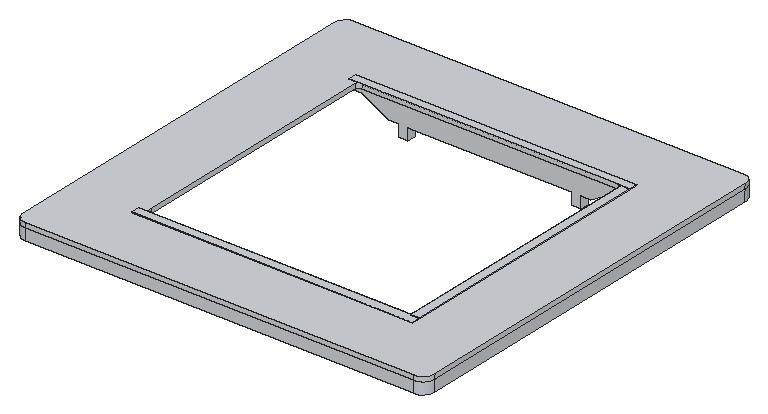
Revit family "Gira_0211335", category Electrical Fixtures, host Face, Revit 2017
Family settings
  Host = Face
  Maintain Annotation Orientation = No
  Round Connector Dimension = Use Diameter
  Part Type = Normal
  Cut with Voids When Loaded = No
  Shared = No
  Room Calculation Point = No
Parameters (values of type "Cov.fr. 1-g flat Gira E2 stainl.steel")
  With mounting grid = "No"
  With hinged lid = "No"
  URL = "http://katalog.gira.de/en/datenblatt.html?artikelnr=0211335"
  Type of fastening = "Clamp mounting"
  Transparent = "No"
  Surface protection = "Other"
  Suitable for wall duct = "No"
  Suitable for flush-mounted installation = "Yes"
  Suitable for floor box = "No"
  Suitable for built-in installation = "No"
  Number of units vertical = "1"
  Number of units horizontal = "1"
  Number of units = "1"
  Name = "Cov.fr. 1-g flat Gira E2 stainl.steel"
  Mounting direction = "Horizontal and vertical"
  Material quality = "Stainless steel"
  Material = "Metal"
  Manufacturer URL = "https://www.gira.de/"
  Manufacturer = "Gira"
  Label space/information surface = "No"
  Keynote = ""
  HeinzeBIM = "https://bimportal.heinze.de/bim/cov-fr-1-g-flat-gira-e2-stainl-steel/dee0317a28306a9ae2e3cff616e5ec72865a74c6"
  Halogen free = "No"
  HAN = "0211335"
  GTIN = "4010337019855"
  Description = "Cov.fr.1g flat E2 SST,Gira E2 cover frame for flat installation,Stainless steel,1-gang,"
  Degree of protection (IP) = "IP20"
  Default Elevation = 1219.2 mm
  Data sheet (1) = "https://katalog.gira.de/en/download.html?artikelnr=0211335"
  Colour = "Stainless steel"
  Category = "Cover frame for domestic switching devices"
  BIM (1) = "https://media.stage.bim.site/public/gira/36a6b08/E2flach_Rahmen_1fach.rfa"
  Available = "No"
Reference planes
  plane 1 "Center (Front/Back)": y = 0
  plane 2: z = 0
  plane 3 "Center (Left/Right)": x = 0
Forms (mm)
  Extrusion 1, solid, detail levels fine
    sketch origin (0, 0, 0) x (1, 0, 0) y (0, 1, 0)
      loop
        arc (-41.4, 43.9) -> (-43.168, 43.168) -> (-43.9, 41.4) r 2.5
        line (-43.9, 41.4) -> (-43.9, -41.4)
        arc (-43.9, -41.4) -> (-43.168, -43.168) -> (-41.4, -43.9) r 2.5
        line (-41.4, -43.9) -> (41.4, -43.9)
        arc (41.4, -43.9) -> (43.168, -43.168) -> (43.9, -41.4) r 2.5
        line (43.9, -41.4) -> (43.9, 41.4)
        arc (43.9, 41.4) -> (43.168, 43.168) -> (41.4, 43.9) r 2.5
        line (41.4, 43.9) -> (-41.4, 43.9)
      loop
        spline (-28.144, -27.245) -> (-28.136, -27.363) -> (-28.113, -27.478) -> (-28.075, -27.589) -> (-28.023, -27.695) -> (-27.958, -27.792) -> (-27.881, -27.881) -> (-27.792, -27.958) -> (-27.695, -28.023) -> (-27.589, -28.075) -> (-27.478, -28.113) -> (-27.363, -28.136) -> (-27.245, -28.144)
        line (-27.245, -28.144) -> (27.245, -28.144)
        spline (27.245, -28.144) -> (27.363, -28.136) -> (27.478, -28.113) -> (27.589, -28.075) -> (27.695, -28.023) -> (27.792, -27.958) -> (27.881, -27.881) -> (27.958, -27.792) -> (28.023, -27.695) -> (28.075, -27.589) -> (28.113, -27.478) -> (28.136, -27.363) -> (28.144, -27.245)
        line (28.144, -27.245) -> (28.144, 27.245)
        spline (28.144, 27.245) -> (28.136, 27.363) -> (28.113, 27.478) -> (28.075, 27.589) -> (28.023, 27.695) -> (27.958, 27.792) -> (27.881, 27.881) -> (27.792, 27.958) -> (27.695, 28.023) -> (27.589, 28.075) -> (27.478, 28.113) -> (27.363, 28.136) -> (27.245, 28.144)
        line (27.245, 28.144) -> (-27.245, 28.144)
        spline (-27.245, 28.144) -> (-27.363, 28.136) -> (-27.478, 28.113) -> (-27.589, 28.075) -> (-27.695, 28.023) -> (-27.792, 27.958) -> (-27.881, 27.881) -> (-27.958, 27.792) -> (-28.023, 27.695) -> (-28.075, 27.589) -> (-28.113, 27.478) -> (-28.136, 27.363) -> (-28.144, 27.245)
        line (-28.144, 27.245) -> (-28.144, -27.245)
    from 2.5 to 3.4
  Extrusion 2, solid, detail levels fine
    sketch origin (0, 0, 0) x (1, 0, 0) y (0, 1, 0)
      loop
        arc (-41.4, 43.9) -> (-43.168, 43.168) -> (-43.9, 41.4) r 2.5
        line (-43.9, 41.4) -> (-43.9, -41.4)
        arc (-43.9, -41.4) -> (-43.168, -43.168) -> (-41.4, -43.9) r 2.5
        line (-41.4, -43.9) -> (41.4, -43.9)
        arc (41.4, -43.9) -> (43.168, -43.168) -> (43.9, -41.4) r 2.5
        line (43.9, -41.4) -> (43.9, 41.4)
        arc (43.9, 41.4) -> (43.168, 43.168) -> (41.4, 43.9) r 2.5
        line (41.4, 43.9) -> (-41.4, 43.9)
      loop
        arc (-41.4, 43.4) -> (-42.814, 42.814) -> (-43.4, 41.4) r 2
        line (-43.4, 41.4) -> (-43.4, -41.4)
        arc (-43.4, -41.4) -> (-42.814, -42.814) -> (-41.4, -43.4) r 2
        line (-41.4, -43.4) -> (41.4, -43.4)
        arc (41.4, -43.4) -> (42.814, -42.814) -> (43.4, -41.4) r 2
        line (43.4, -41.4) -> (43.4, 41.4)
        arc (43.4, 41.4) -> (42.814, 42.814) -> (41.4, 43.4) r 2
        line (41.4, 43.4) -> (-41.4, 43.4)
    from 0 to 2.5
  Extrusion 3, solid, detail levels fine
    sketch origin (0, 0, 0) x (1, 0, 0) y (0, 0, 1)
      loop
        line (-17.5, -4.06) -> (-17.5, -1.56) -> (17.5, -1.56) -> (17.5, -4.06) -> (19.5, -4.06) -> (19.5, -1.56) -> (21.654, -1.56) -> (27.214, 1.65) -> (30, 1.65) -> (30, 3.4) -> (-30, 3.4) -> (-30, 1.65) -> (-27.214, 1.65) -> (-21.654, -1.56) -> (-19.5, -1.56) -> (-19.5, -4.06) -> (-17.5, -4.06)
    from 28.144 to 30
  Extrusion 4, solid, detail levels fine
    sketch origin (0, 0, 0) x (0, -1, 0) y (0, 0, -1)
      loop
        line (-17.5, 4.06) -> (-19.5, 4.06) -> (-19.5, 1.56) -> (-21.654, 1.56) -> (-27.214, -1.65) -> (-28.144, -1.65) -> (-28.144, -3.4) -> (28.144, -3.4) -> (28.144, -1.65) -> (27.214, -1.65) -> (21.654, 1.56) -> (19.5, 1.56) -> (19.5, 4.06) -> (17.5, 4.06) -> (17.5, 1.56) -> (-17.5, 1.56) -> (-17.5, 4.06)
    from 28.144 to 30
  Extrusion 5, solid, detail levels medium
    sketch origin (0, 0, 0) x (0, -1, 0) y (0, 0, 1)
      loop
        line (-17.5, -4.06) -> (-17.5, -1.56) -> (17.5, -1.56) -> (17.5, -4.06) -> (19.5, -4.06) -> (19.5, -1.56) -> (28.144, -1.56) -> (28.144, 3.4) -> (-28.144, 3.4) -> (-28.144, -1.56) -> (-19.5, -1.56) -> (-19.5, -4.06) -> (-17.5, -4.06)
    from 28.144 to 30
  Extrusion 6, solid, detail levels fine
    sketch origin (0, 0, 0) x (1, 0, 0) y (0, 0, -1)
      loop
        line (-17.5, 4.06) -> (-19.5, 4.06) -> (-19.5, 1.56) -> (-21.654, 1.56) -> (-27.214, -1.65) -> (-30, -1.65) -> (-30, -3.4) -> (30, -3.4) -> (30, -1.65) -> (27.214, -1.65) -> (21.654, 1.56) -> (19.5, 1.56) -> (19.5, 4.06) -> (17.5, 4.06) -> (17.5, 1.56) -> (-17.5, 1.56) -> (-17.5, 4.06)
    from 28.144 to 30
  Extrusion 7, solid, detail levels coarse
    sketch origin (0, 0, 0) x (1, 0, 0) y (0, 1, 0)
      loop
        line (-43.9, 43.9) -> (-43.9, -43.9) -> (43.9, -43.9) -> (43.9, 43.9) -> (-43.9, 43.9)
    from -4.06 to 3.4
  Extrusion 8, solid, detail levels medium
    sketch origin (0, 0, 0) x (1, 0, 0) y (0, 1, 0)
      loop
        line (-43.9, 43.9) -> (-43.9, -43.9) -> (43.9, -43.9) -> (43.9, 43.9) -> (-43.9, 43.9)
    from 0 to 3.4
  Extrusion 9, solid, detail levels medium
    sketch origin (0, 0, 0) x (1, 0, 0) y (0, 0, 1)
      loop
        line (-17.5, -4.06) -> (-17.5, -1.56) -> (17.5, -1.56) -> (17.5, -4.06) -> (19.5, -4.06) -> (19.5, -1.56) -> (30, -1.56) -> (30, 3.4) -> (-30, 3.4) -> (-30, -1.56) -> (-19.5, -1.56) -> (-19.5, -4.06) -> (-17.5, -4.06)
    from 28.144 to 30
  Extrusion 10, solid, detail levels medium
    sketch origin (0, 0, 0) x (1, 0, 0) y (0, 0, -1)
      loop
        line (-17.5, 4.06) -> (-19.5, 4.06) -> (-19.5, 1.56) -> (-30, 1.56) -> (-30, -3.4) -> (30, -3.4) -> (30, 1.56) -> (19.5, 1.56) -> (19.5, 4.06) -> (17.5, 4.06) -> (17.5, 1.56) -> (-17.5, 1.56) -> (-17.5, 4.06)
    from 28.144 to 30
  Extrusion 11, solid, detail levels medium
    sketch origin (0, 0, 0) x (0, -1, 0) y (0, 0, -1)
      loop
        line (-17.5, 4.06) -> (-19.5, 4.06) -> (-19.5, 1.56) -> (-28.144, 1.56) -> (-28.144, -3.4) -> (28.144, -3.4) -> (28.144, 1.56) -> (19.5, 1.56) -> (19.5, 4.06) -> (17.5, 4.06) -> (17.5, 1.56) -> (-17.5, 1.56) -> (-17.5, 4.06)
    from 28.144 to 30
Dimensions and locks
  aligned and locked: plane 2 to host face
  aligned and locked: level to host face
